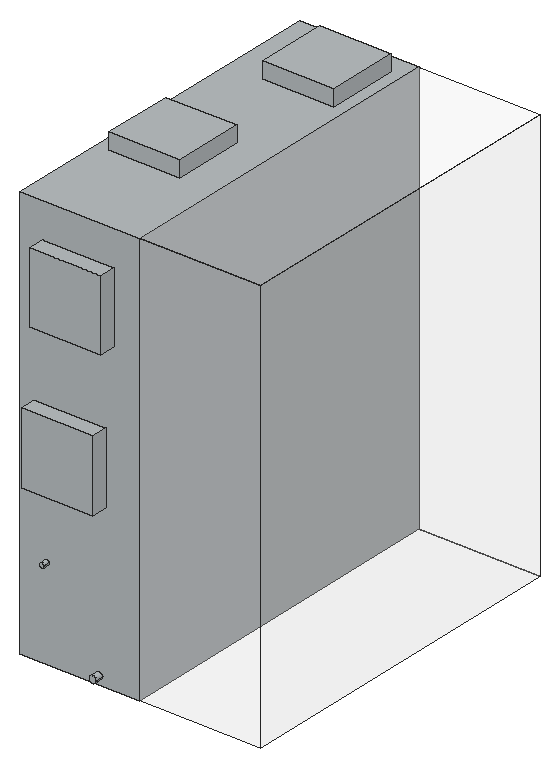
Revit family "lb-150_200kx5-50_50Hz", category 機械設備, Revit 2019
Family settings
  丸型コネクタ寸法 = 直径を使用
  パーツ タイプ = 標準
  OmniClass 番号 = 23.75.10.34.21
  OmniClass タイトル = Heat Exchangers for Ventilation Air
  作業面ベース = いいえ
  常に垂直 = はい
  ロード時にボイドで切り取り = いいえ
  共有 = いいえ
  部屋計算ポイント = はい
Parameters (values of type "LB-150KX5-50")
  騒音レベル(dB(A)) = 45
  風量 = 1500.0 m³/h
  面風速 = 3.4 m/s
  電源種別 [instance] = ""
  電圧 = 200 V
  電動機出力 = 0 W
  集中コントローラ = ""
  運転質量 = 0.00 kg
  連動 [instance] = ""
  質量 = if(製品質量 > 運転質量, 製品質量, 運転質量) * 1.2  # 450.00 kg
  負荷分類 = 3_ファン類
  説明 = "設備用ロスナイ 床置ビルトイン形加湿付"
  設計風量 = 0.0 m³/h
  設置方法 = "床置形"
  記号 [instance] = ""
  製造元 = "三菱電機株式会社"
  製品質量 = 375.00 kg
  製品出荷対象 = "国内"
  製品リリース年月 = "2018/7/25"
  製品グループ = ""
  給水管_W = 133 mm
  給水管_H = 452 mm
  給水管_Depth = 29 mm
  系統 [instance] = ""
  符号 = "HEU"
  積算_科目 = "1 空気調和設備"
  積算_拾い区分 [instance] = ""
  相 = 3
  盤記号 [instance] = ""
  発停方法 [instance] = ""
  特殊仕様 [instance] = ""
  火災停止 [instance] = ""
  温度交換効率 = 70.00%
  消費電力 = 1220 W
  法定耐用年数 = "15"
  機外静圧_排気 = 220.0 Pa
  機外静圧 = 220.0 Pa
  極数 = 3
  材質 [instance] = ""
  本体固定用穴ピッチ2 = 1680 mm
  本体固定用穴ピッチ1 = 460 mm
  本体固定用穴_径 = 20 mm
  本体マテリアル = 溶融亜鉛めっき鋼板
  有効加湿量 = 3.4
  操作・制御方式 = ""
  操作・制御スイッチ = ""
  排気量 = 0.0 m³/h
  形式 = "床置形"
  幹線記号 [instance] = ""
  対象室 [instance] = ""
  実風量 = 0.0 m³/h
  始動方式 [instance] = "直入"
  外気量 = 0.0 m³/h
  呼称 = "全熱交換ユニット"
  周波数 = 50 Hz
  参照している仕様書等のバージョン = "公共建築工事標準仕様書（機械設備工事編）平成31年度版"
  加湿給水管径 = 21.7 mm
  初期抵抗 = 0.0 Pa
  分類コード = "50052504100050"
  分類グループ = ""
  価格 = 3866000
  企業コード = "108420"
  付属品_フィルター_還気 = ""
  付属品_フィルター = ""
  付属品 [instance] = ""
  仕様書バージョン = "Version1.0"
  モデル = "LB-150KX5-50"
  メンテナンススペース = yes
  ドレン管径 = 34 mm
  ドレン管_W = 200 mm
  ドレン管_H = 41 mm
  ドレン管_Depth = 37 mm
  コメント [instance] = ""
  Keynote = ""
  エンタルピ交換効率_暖房 = 69.50%
  エンタルピ交換効率_冷房 = 67.00%
  Assembly Code = ""
  Width = 590 mm
  Version = ""
  Uniclass2015Version = "Systems v1.9"
  Uniclass2015Title = "Thermal wheels"
  Uniclass2015Code = "Pr_60_60_36_88"
  URL = "https://www.mitsubishielectric.co.jp/ldg/wink/ssl/displayProduct.do?pid=294046"
  SpecificationReference = ""
  SpecificationDescription = ""
  SAサイズ_W = 352 mm
  SAサイズ_D = 352 mm
  Revision = ""
  RAサイズ_W = 352 mm
  RAサイズ_D = 352 mm
  ProductInformation = ""
  OmniClassCode = "23-27 23 19 11"
  OAサイズ_W = 352 mm
  OAサイズ_D = 352 mm
  MIN風量 = 0.0 m³/h
  MIN静圧 = 0.0 Pa
  MID風量 = 0.0 m³/h
  MID静圧 = 0.0 Pa
  MAX風量 = 1500.0 m³/h
  MAX静圧 = 220.0 Pa
  IfcTypeProduct = ""
  IfcProduct = ""
  IfcExportType = "ROTARYWHEEL"
  IfcExportAs = "IfcAirToAirHeatRecoveryType"
  Height = 2047 mm
  EAサイズ_W = 352 mm
  EAサイズ_D = 352 mm
  Duct_SA_W = 165 mm
  Duct_SA_H = 798 mm
  Duct_RA_W = 125 mm
  Duct_RA_H = 372 mm
  Duct_OA_W = 174 mm
  Duct_OA_D = 458 mm
  Duct_Height = 80 mm
  Duct_EA_W = 61 mm
  Duct_EA_D = 98 mm
  Depth = 1730 mm
  Clearance Top = 0 mm
  Clearance Right = 600 mm
  Clearance Left = 0 mm
  Clearance Front = 0 mm
  Clearance Bottom = 0 mm
  Clearance Back = 0 mm
  Author = "三菱電機株式会社"
Types (2, lengths in mm): name | 騒音レベル(dB(A)) | 風量 | 面風速 | 質量 | 製品質量 | 消費電力 | 機外静圧_排気 | 機外静圧 | 有効加湿量 | 価格 | モデル | エンタルピ交換効率_暖房 | URL | SAサイズ_D | RAサイズ_W | OAサイズ_W | MAX風量 | MAX静圧 | EAサイズ_W | Duct_SA_H | Duct_RA_W | Duct_OA_W
  LB-150KX5-50 | 45 | 1500.0 m³/h | 3.4 m/s | 450.00 kg | 375.00 kg | 1220 W | 220.0 Pa | 220.0 Pa | 3.4 | 3866000 | "LB-150KX5-50" | 69.50% | "https://www.mitsubishielectric.co.jp/ldg/wink/ssl/displayProduct.do?pid=294046" | 352 | 352 | 352 | 1500.0 m³/h | 220.0 Pa | 352 | 798 | 125 | 174
  LB-200KX5-50 | 46 | 2000.0 m³/h | 3.53 m/s | 462.00 kg | 385.00 kg | 1625 W | 200.0 Pa | 200.0 Pa | 4.6 | 4971000 | "LB-200KX5-50" | 69.00% | "https://www.mitsubishielectric.co.jp/ldg/wink/ssl/displayProduct.do?pid=294048" | 452 | 452 | 452 | 2000.0 m³/h | 200.0 Pa | 452 | 698 | 74 | 74
Reference planes
  plane 1 "中心(正面/背面)": y = 0
  plane 2: z = 0
  plane 3 "中心(左/右)": x = 0
  plane 4: x = 295
  plane 5: y = 865
  plane 6: y = -865
  plane 7: x = -295
  plane 8: y = -219
  plane 9: y = 591
  plane 10: y = -43
  plane 11: y = -395
  plane 12: y = 767
  plane 13: y = 415
  plane 14: x = -231
  plane 15: x = 121
  plane 16: z = 2047
  plane 17: z = 2127
  plane 18: y = 840
  plane 19: y = -840
  plane 20: x = -230
  plane 21: x = 230
  plane 22: x = 895
  plane 23: x = -295
  plane 24: y = 865
  plane 25: y = -865
  plane 26: z = 2047
  plane 27: z = 0
  plane 28: x = 234
  plane 29: x = -118
  plane 30: z = 798
  plane 31: z = 1150
  plane 32: z = 1874
  plane 33: z = 1522
  plane 34: x = 130
  plane 35: x = -222
  plane 36: x = 170
  plane 37: x = -182
  plane 38: y = -945
  plane 39: x = 95
  plane 40: z = 41
  plane 41: x = -162
  plane 42: z = 452
  plane 43: y = -894
  plane 44: y = -902
Forms (mm)
  Extrusion 1, solid, material "溶融亜鉛めっき鋼板" <- "本体マテリアル", detail levels fine
    sketch origin (0, 0, 0) x (1, 0, 0) y (0, 1, 0)
      loop
        line (-295, 865) -> (-295, -865) -> (295, -865) -> (295, 865) -> (-295, 865)
    from 0 to 2047
  Extrusion 2, solid, material "溶融亜鉛めっき鋼板" <- "本体マテリアル", detail levels fine
    sketch origin (0, 0, 0) x (1, 0, 0) y (0, 1, 0)
      loop
        line (-118, 767) -> (-118, 415) -> (234, 415) -> (234, 767) -> (-118, 767)
      loop
        line (-231, -43) -> (-231, -395) -> (121, -395) -> (121, -43) -> (-231, -43)
    from 2047 to 2127
  Extrusion 3, solid, material "溶融亜鉛めっき鋼板" <- "本体マテリアル", detail levels fine
    sketch origin (0, 0, 0) x (1, 0, 0) y (0, 0, 1)
      loop
        line (130, 798) -> (130, 1150) -> (-222, 1150) -> (-222, 798) -> (130, 798)
      loop
        line (170, 1874) -> (-182, 1874) -> (-182, 1522) -> (170, 1522) -> (170, 1874)
    from 865 to 945
  Extrusion 4, solid, material "溶融亜鉛めっき鋼板" <- "本体マテリアル", detail levels fine
    sketch origin (0, 0, 0) x (1, 0, 0) y (0, 0, 1)
      loop
        circle (95, 41) r 17
    from 865 to 902
  Extrusion 5, solid, material "溶融亜鉛めっき鋼板" <- "本体マテリアル", detail levels fine
    sketch origin (0, 0, 0) x (1, 0, 0) y (0, 0, 1)
      loop
        circle (-162, 452) r 10.85
    from 865 to 894
Lines and regions (mm)
  Masking region 1, detail levels coarse+medium
    outline origin (1331.5, 88, 0) x (1, 0, 0) y (0, 1, 0)
      loop
        line (-1626.5, 777) -> (-1626.5, -953) -> (-1036.5, -953) -> (-1036.5, 777) -> (-1626.5, 777)
  symbolic lines, detail levels coarse+medium
    curve 1: line (0, 865, 0) -> (-295, 0, 0)
    curve 2: line (-295, 0, 0) -> (0, -865, 0)
    curve 3: line (0, -865, 0) -> (295, 0, 0)
    curve 4: line (0, 865, 0) -> (295, 0, 0)
Dimensions and locks
  equal spacing: plane 5, plane 1 "中心(正面/背面)", plane 6
  "Depth": plane 5 to plane 6
  equal spacing: plane 11, plane 8, plane 10
  "OAサイズ_D": plane 11 to plane 10
  equal spacing: plane 13, plane 9, plane 12
  "EAサイズ_D": plane 13 to plane 12
  "Duct_Height": plane 17 to plane 16
  equal spacing: plane 20, plane 3 "中心(左/右)", plane 21
  "本体固定用穴ピッチ1": plane 20 to plane 21
  "Clearance Right": plane 4 to plane 22
  "Clearance Left": plane 23 to plane 7
  "Clearance Back": plane 24 to plane 5
  "Clearance Front": plane 6 to plane 25
  "Clearance Top": plane 26 to plane 16
  "Clearance Bottom": level to plane 27
  equal spacing: plane 7, plane 3 "中心(左/右)", plane 4
  "Width": plane 7 to plane 4
  "Height": plane 26 to level
  "Duct_OA_D": plane 13 to plane 10
  "Duct_EA_D": plane 5 to plane 12
  "Duct_OA_W": plane 15 to plane 4
  "OAサイズ_W": plane 14 to plane 15
  "Duct_EA_W": plane 28 to plane 4
  "EAサイズ_W": plane 29 to plane 28
  "Duct_SA_H": plane 30 to level
  "SAサイズ_D": plane 31 to plane 30
  "Duct_RA_H": plane 33 to plane 31
  "RAサイズ_D": plane 32 to plane 33
  "Duct_SA_W": plane 4 to plane 34
  "SAサイズ_W": plane 34 to plane 35
  "RAサイズ_W": plane 36 to plane 37
  "Duct_RA_W": plane 4 to plane 36
  "Duct_Height": plane 6 to plane 38
  "ドレン管_W": plane 4 to plane 39
  "ドレン管_H": plane 40 to level
  "給水管_W": plane 41 to plane 7
  "給水管_H": plane 42 to level
  "給水管_Depth": plane 6 to plane 43
  "ドレン管_Depth": plane 6 to plane 44
  "本体固定用穴ピッチ2": plane 19 to plane 18
  equal spacing: plane 18, plane 1 "中心(正面/背面)", plane 19
  "ドレン管径": diameter of Extrusion 4 sketch curve
  "加湿給水管径": diameter of Extrusion 5 sketch curve
  aligned and locked: level to plane 2
  aligned and locked: Extrusion 1 sketch curve to plane 5
  aligned and locked: Extrusion 1 sketch curve to plane 6
  aligned and locked: Extrusion 2 sketch curve to plane 12
  aligned and locked: Extrusion 2 sketch curve to plane 13
  aligned and locked: Extrusion 2 sketch curve to plane 10
  aligned and locked: plane 14 to Extrusion 2 sketch curve
  aligned and locked: Extrusion 2 sketch curve to plane 11
  aligned and locked: plane 15 to Extrusion 2 sketch curve
  aligned and locked: Masking region 1 to plane 7
  aligned and locked: Masking region 1 to curve 1  (x2)
  aligned and locked: Masking region 1 to curve 2
  aligned and locked: plane 16 to Extrusion 1
  aligned and locked: plane 17 to Extrusion 2
  aligned and locked: Extrusion 2 to plane 16
  aligned and locked: plane 22 to nested 1
  aligned and locked: nested 1 to plane 25
  aligned and locked: nested 1 to plane 24
  aligned and locked: nested 1 to plane 26
  aligned and locked: nested 1 to plane 27
  aligned and locked: plane 19 to nested 2
  aligned and locked: plane 20 to nested 2
  aligned and locked: nested 2 to plane 21
  aligned and locked: plane 20 to nested 3
  aligned and locked: nested 3 to plane 21
  aligned and locked: nested 3 to plane 18
  aligned and locked: nested 1 to plane 23
  aligned and locked: plane 4 to Extrusion 1 sketch curve
  aligned and locked: Masking region 1 to curve 3
  aligned and locked: Masking region 1 to plane 4
  aligned and locked: plane 5 to Masking region 1
  aligned and locked: plane 6 to Masking region 1
  aligned and locked: Extrusion 1 to level
  aligned and locked: Extrusion 2 sketch curve to plane 28
  aligned and locked: plane 29 to Extrusion 2 sketch curve
  aligned and locked: plane 30 to Extrusion 3 sketch curve
  aligned and locked: Extrusion 3 sketch curve to plane 34
  aligned and locked: Extrusion 3 sketch curve to plane 31
  aligned and locked: plane 35 to Extrusion 3 sketch curve
  aligned and locked: plane 32 to Extrusion 3 sketch curve
  aligned and locked: plane 36 to Extrusion 3 sketch curve
  aligned and locked: Extrusion 3 sketch curve to plane 33
  aligned and locked: Extrusion 3 sketch curve to plane 37
  aligned and locked: Extrusion 3 to plane 38
  aligned and locked: Extrusion 3 to plane 6
  aligned and locked: Extrusion 5 to plane 43
  aligned and locked: Extrusion 5 to plane 6
  aligned and locked: Extrusion 4 to plane 6
  aligned and locked: Extrusion 4 to plane 44
Automatic sketch dimensions
  plane 4 to Masking region 1 sketch curve = 0 mm
  Masking region 1 sketch curve to plane 7 = 0 mm
  Extrusion 1 sketch curve to plane 7 = 0 mm
  Masking region 1 sketch curve to plane 5 = 0 mm
  Masking region 1 sketch curve to plane 6 = 0 mm
  plane 1 "中心(正面/背面)" to curve 1 = 0 mm
  curve 1 to plane 7 = 0 mm
  curve 2 to plane 3 "中心(左/右)" = 0 mm
  curve 4 to plane 3 "中心(左/右)" = 0 mm
  plane 1 "中心(正面/背面)" to curve 3 = 0 mm
  curve 3 to plane 6 = 0 mm
  Extrusion 4 sketch curve to plane 39 = 0 mm
  Extrusion 4 sketch curve to plane 40 = 0 mm
  Extrusion 5 sketch curve to plane 41 = 0 mm
  Extrusion 5 sketch curve to plane 42 = 0 mm
Nested families
  nested 1: "メンテナンススペース" at (300, 0, 1023.5), visible <- "メンテナンススペース", type "メンテナンススペース"
    with Width 1190 mm, Height 2047 mm, Depth 1730 mm
  nested 2: "固定点" at (-230, -840, 0), type "固定点"
    with W 460 mm, D 1000 mm
  nested 3: "固定点" at (-230, 840, 0), type "固定点"
    with W 460 mm, D 1000 mm
Connectors
  hvac at (-55, -219, 2127), driven by "OAサイズ_D", driven by "OAサイズ_W", driven by "機外静圧", driven by "外気量"
    settings: on Extrusion 2, index 3, duct flow 0.0 m³/h, flow factor 0, pres drop 220.0 Pa, loss coef 0, conn angle 0.00°, conn width 352 mm, conn height 352 mm, conn diameter 609.6 mm, duct sys type 4, conn prof type 1, flow config 0, flow direction 1, loss method 4, conn ref index -1, conn util no, is conn primary no, conn desc ""
  hvac at (58, 591, 2127), driven by "EAサイズ_D", driven by "EAサイズ_W", driven by "機外静圧_排気", driven by "排気量"
    settings: on Extrusion 2, index 4, duct flow 0.0 m³/h, flow factor 0, pres drop 220.0 Pa, loss coef 0, conn angle 0.00°, conn width 352 mm, conn height 352 mm, conn diameter 609.6 mm, duct sys type 3, conn prof type 1, flow config 0, flow direction 2, loss method 4, conn ref index -1, conn util no, is conn primary no, conn desc ""
  electrical at (295, 0, 1023.5), driven by "極数", driven by "負荷分類", driven by "電圧", driven by "消費電力"
    settings: on Extrusion 1, index 5, voltage 200 V, apparent load 1220 VA, apparent load phase1 0 VA, apparent load phase2 0 VA, apparent load phase3 0 VA, power factor 1, load classification "3_ファン類", number of poles 3, system type 30, power factor state 1, is connector primary yes, connector utility no, sub classification motor no, connector description ""
  hvac at (-46, -945, 974), driven by "SAサイズ_D", driven by "SAサイズ_W", driven by "機外静圧", driven by "風量"
    settings: on Extrusion 3, index 6, duct flow 1500.0 m³/h, flow factor 0, pres drop 220.0 Pa, loss coef 0, conn angle 0.00°, conn width 352 mm, conn height 352 mm, conn diameter 609.6 mm, duct sys type 1, conn prof type 1, flow config 0, flow direction 2, loss method 4, conn ref index -1, conn util no, is conn primary yes, conn desc ""
  hvac at (-6, -945, 1698), driven by "RAサイズ_D", driven by "RAサイズ_W", driven by "機外静圧", driven by "風量"
    settings: on Extrusion 3, index 7, duct flow 1500.0 m³/h, flow factor 0, pres drop 220.0 Pa, loss coef 0, conn angle 0.00°, conn width 352 mm, conn height 352 mm, conn diameter 609.6 mm, duct sys type 2, conn prof type 1, flow config 0, flow direction 1, loss method 4, conn ref index -1, conn util no, is conn primary no, conn desc ""
  piping at (-162, -894, 452), diameter 21.7, driven by "加湿給水管径"
    settings: on Extrusion 5, index 8, connector inside diameter 609.6 mm, connector length 0 mm, flow factor 0, pipe flow 0.0 L/s, pressure drop 0.0 Pa, fitting loss kfactor 0, connector angle 0.00°, fixture units 0, engagement length 0 mm, angle of deflection 0.00°, flow configuration 0, flow direction 1, fitting loss method 0, system type 20, joint type 0, gender type 0, connector reference index -1, connector utility 0, adjustable connector no, is connector primary yes, connector description ""
  piping at (95, -902, 41), diameter 34, driven by "ドレン管径"
    settings: on Extrusion 4, index 9, connector inside diameter 609.6 mm, connector length 0 mm, flow factor 0, pipe flow 0.0 L/s, pressure drop 0.0 Pa, fitting loss kfactor 0, connector angle 0.00°, fixture units 0, engagement length 0 mm, angle of deflection 0.00°, flow configuration 0, flow direction 2, fitting loss method 0, system type 16, joint type 0, gender type 0, connector reference index -1, connector utility 0, adjustable connector no, is connector primary no, connector description ""
Definition of nested family "メンテナンススペース"
  Parameters (values of type "メンテナンススペース")
    Width [instance] = 500 mm
    Height [instance] = 500 mm
    Depth [instance] = 500 mm
  Reference planes
    plane 1 "中心(正面/背面)": y = 0
    plane 2: z = 0
    plane 3 "中心(左/右)": x = 0
    plane 4: y = -250
    plane 5: x = 250
    plane 6: y = 250
    plane 7: x = -250
    plane 8: z = 250
    plane 9: z = -250
  Forms (mm)
    Extrusion 1, solid
      sketch origin (-638.939, 0, 72.39) x (1, 0, 0) y (0, 1, 0)
        loop
          line (388.939, 250) -> (388.939, -250) -> (888.939, -250) -> (888.939, 250) -> (388.939, 250)
      from -322.39 to 177.61
  Lines and regions (mm)
    symbolic lines
      curve 1: line (-250, 0, 250) -> (250, 0, 250)
      curve 2: line (-250, 0, -250) -> (-250, 0, 250)
      curve 3: line (250, 0, -250) -> (-250, 0, -250)
      curve 4: line (250, 0, 250) -> (250, 0, -250)
      curve 5: line (0, -250, 250) -> (0, 250, 250)
      curve 6: line (0, -250, -250) -> (0, -250, 250)
      curve 7: line (0, 250, -250) -> (0, -250, -250)
      curve 8: line (0, 250, 250) -> (0, 250, -250)
      curve 9: line (-250, 250, 0) -> (250, 250, 0)
      curve 10: line (-250, -250, 0) -> (-250, 250, 0)
      curve 11: line (250, -250, 0) -> (-250, -250, 0)
      curve 12: line (250, 250, 0) -> (250, -250, 0)
  Dimensions and locks
    equal spacing: plane 7, plane 3 "中心(左/右)", plane 5
    equal spacing: plane 4, plane 1 "中心(正面/背面)", plane 6
    "Depth": plane 4 to plane 6
    "Width": plane 7 to plane 5
    equal spacing: plane 8, plane 2, plane 9
    "Height": plane 8 to plane 9
    aligned and locked: plane 9 to curve 3
    aligned and locked: plane 7 to curve 2
    aligned and locked: curve 4 to plane 5
    aligned and locked: plane 5 to Extrusion 1
    aligned and locked: Extrusion 1 to plane 7
    aligned and locked: Extrusion 1 to plane 9
    aligned and locked: plane 8 to Extrusion 1
    aligned and locked: plane 9 to curve 7
  Automatic sketch dimensions
    plane 4 to Extrusion 1 sketch curve = 0 mm
    Extrusion 1 sketch curve to plane 7 = 0 mm
    Extrusion 1 sketch curve to plane 5 = 0 mm
    plane 6 to Extrusion 1 sketch curve = 0 mm
    curve 2 to plane 8 = 0 mm
    plane 4 to curve 11 = 0 mm
    curve 11 to plane 7 = 0 mm
    curve 11 to plane 5 = 0 mm
    plane 6 to curve 10 = 0 mm
    curve 7 to plane 4 = 0 mm
    curve 7 to plane 6 = 0 mm
    curve 6 to plane 8 = 0 mm
Definition of nested family "固定点"
  Parameters (values of type "固定点")
    中心円 = 20 mm
    W [instance] = 1000 mm
    D [instance] = 1000 mm
  Reference planes
    plane 1 "中心(正面/背面)": y = 0
    plane 2: z = 0
    plane 3 "中心(左/右)": x = 0
    plane 4: x = 1000
  Lines and regions (mm)
    symbolic lines, detail levels fine
      curve 1: circle (0, 0, 0) r 10 normal (0, 0, 1)
      curve 2: circle (1000, 0, 0) r 10 normal (0, 0, 1)
      curve 3: line (-200, 0, 0) -> (1200, 0, 0)
      curve 4: line (0, 200, 0) -> (0, -200, 0)
      curve 5: line (1000, 200, 0) -> (1000, -200, 0)
  Dimensions and locks
    "W": plane 3 "中心(左/右)" to plane 4
    "中心円": diameter of curve 1
    "中心円": diameter of curve 2
    aligned and locked: level to plane 2
    aligned and locked: plane 3 "中心(左/右)" to curve 1
    aligned and locked: plane 1 "中心(正面/背面)" to curve 1
    aligned and locked: plane 1 "中心(正面/背面)" to curve 2
    aligned and locked: plane 4 to curve 2
    aligned and locked: plane 1 "中心(正面/背面)" to curve 3
    aligned and locked: curve 4 to plane 3 "中心(左/右)"
    aligned and locked: curve 5 to plane 4
  Automatic sketch dimensions
    curve 3 to plane 3 "中心(左/右)" = 200 mm
    curve 2 to curve 3 = 200 mm
    plane 1 "中心(正面/背面)" to curve 4 = 200 mm
    plane 1 "中心(正面/背面)" to curve 5 = 200 mm
    curve 5 to plane 1 "中心(正面/背面)" = 200 mm
    curve 4 to plane 1 "中心(正面/背面)" = 200 mm
